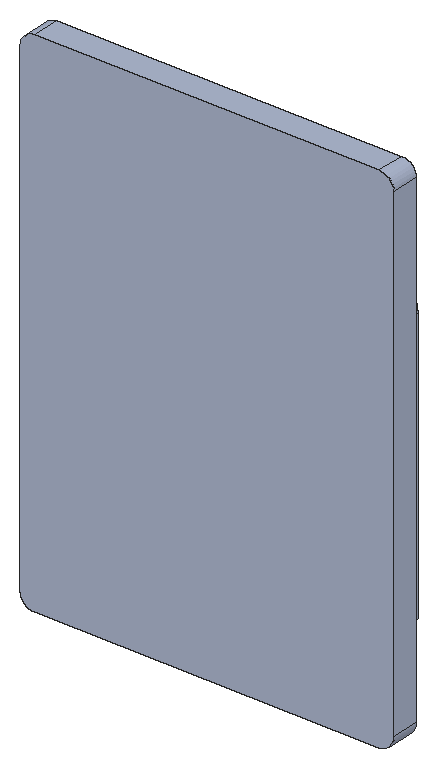
Revit family "BRG-GRF-CCN_CANBERRA MEZCLADOR DE DUCHA CROMO v_02", category Aparatos sanitarios, Revit 2019
Family settings
  Anfitrión = Muro
  Cota de conector redondo = Diámetro de uso
  Tipo de pieza = Normal
  Número OmniClass = 23.45.00.00
  Título OmniClass = Sanitary, Laundry, and Cleaning Equipment
  Siempre vertical = Sí
  Corte con vacíos al cargar = No
  Compartido = No
  Punto de cálculo de habitación = No
Parameters (values of type "CANBERRA MEZCLADORA MONOMANDO DE DUCHA")
  _EDESA_ Materiales = "Latón"
  _EDESA_ Marca = "BRIGGS"
  _EDESA_ Garantía = "De por vida para el cuerpo principal y acabado en cromo (306)"
  _EDESA_ Conexión hidráulica = "Entrada de agua: tubería ø 1/2\""
  _EDESA_ Tipo de instalación = "Empotrado en la pared"
  _EDESA_ Sku/código = "SG0090013061CW"
  _EDESA_ Manual de instalación = "https://www.briggs.com.ec/productos/instructivos/Briggs/Griferia/Mezcladora_ducha_generico.pdf"
  _EDESA_ Profundidad en cm = "6.7"
  _EDESA_ Productos necesarios para instalación = "Regadera"
  _EDESA_ Productos incluídos = ""
  _EDESA_ Peso en kg = ""
  _EDESA_ Nombre = "CANBERRA MEZCLADORA MONOMANDO DE DUCHA"
  _EDESA_ Distancia de instalación en cm (muro terminado) = ""
  _EDESA_ Descripción = "Grifería monomando de ducha para agua fría y caliente. Instalación empotrado en la pared."
  _EDESA_ Contacto comercial = "(02) 395 2900"
  _EDESA_ Consumo/capacidad de agua en L = "9.5 litros por minuto / 2.5 gpm en combinación con cualquiera de nuestras regaderas"
  _EDESA_ Color = "Cromo"
  _EDESA_ Certificación = "Cumple con norma NTE - INEN 3123 basada en la norma ASME 112.18.1 - 2012."
  _EDESA_ Categoría = "Productos > Grifería > Ducha"
  _EDESA_ Ancho en cm = "13"
  _EDESA_ Alto en cm = "18"
  _ALT_ eje1 = 1.10 m
  URL = "https://www.briggs.com.ec/productos/fichastecnicaspdf/Briggs/Griferia/Canberra_ducha_mezcladora.pdf"
  Modelo = "CANBERRA MEZCLADORA MONOMANDO DE DUCHA"
  Fabricante = "BRIGGS ECUADOR"
Reference planes (m)
  plane 1: y = 0
  plane 2 "Centro (Izquierda/Derecha)": x = 0.125
  plane 3 "Posterior": y = 0.075
  plane 4: y = 0.08475
  plane 5: y = 0.10457
  plane 6: z = 1.123599
  plane 7: z = 1.1
  plane 8: z = 1.146748
Forms (m)
  Extrusion 1, solid, material ".MAT_Grifería_Cromo"
    sketch origin (0, 0.075, -0.871185) x (1, 0, 0) y (0, 0, 1)
      loop
        line (0.125, 1.992132) -> (0.06, 1.992132) -> (0.06, 1.907132)
        arc (0.06, 1.907132) -> (0.061464, 1.903597) -> (0.065, 1.902132) r 0.005
        line (0.065, 1.902132) -> (0.125, 1.902132) -> (0.125, 1.992132)
    from -0.00975 to 0
  Extrusion 2, solid, material ".MAT_Grifería_Cromo"
    sketch origin (0.25, 0.075, -0.871185) x (-1, 0, 0) y (0, 0, -1)
      loop
        line (0.125, -1.992132) -> (0.125, -1.902132) -> (0.065, -1.902132)
        arc (0.065, -1.902132) -> (0.061464, -1.903597) -> (0.06, -1.907132) r 0.005
        line (0.06, -1.907132) -> (0.06, -1.992132) -> (0.125, -1.992132)
    from -0.00975 to 0
  Extrusion 3, solid, material ".MAT_Grifería_Cromo"
    sketch origin (0, 0.075, 2.791185) x (1, 0, 0) y (0, 0, 1)
      loop
        line (0.19, -1.670238) -> (0.19, -1.585238)
        arc (0.19, -1.585238) -> (0.188536, -1.581702) -> (0.185, -1.580238) r 0.005
        line (0.185, -1.580238) -> (0.065, -1.580238)
        arc (0.065, -1.580238) -> (0.061464, -1.581702) -> (0.06, -1.585238) r 0.005
        line (0.06, -1.585238) -> (0.06, -1.670238) -> (0.19, -1.670238)
    from -0.00975 to 0
  Revolve 4, solid, material ".MAT_Grifería_Cromo"
    sketch origin (0.125, 0, 0.003871) x (0, 1, 0) y (0, 0, 1)
      loop
        line (0.113674, 1.117974) -> (0.08475, 1.117974) -> (0.08475, 1.1) -> (0.113674, 1.1) -> (0.121271, 1.1) -> (0.121271, 1.112992)
        arc (0.121271, 1.112992) -> (0.117868, 1.115788) -> (0.113674, 1.117132) r 0.011723
        line (0.113674, 1.117132) -> (0.113674, 1.117974)
      axis (0.121271, 1.1) -> (0.08475, 1.1)
    angle from 0 to 360
  Revolve 5, solid, material ".MAT_Grifería_Cromo", not visible
    sketch origin (0.125, 0, 0.017062) x (0, 1, 0) y (0, 0, 1)
      loop
        line (0.113674, 1.117974) -> (0.08475, 1.117974) -> (0.08475, 1.1) -> (0.113674, 1.1) -> (0.121271, 1.1) -> (0.121271, 1.112992)
        arc (0.121271, 1.112992) -> (0.117868, 1.115788) -> (0.113674, 1.117132) r 0.011723
        line (0.113674, 1.117132) -> (0.113674, 1.117974)
      axis (0.121271, 1.1) -> (0.08475, 1.1)
    angle from 0 to 360
Cuts and joins
  joined: Extrusion 1, Extrusion 2, Extrusion 3
Text (m)
  text "Cara de colocación" at (-1.787139, 0.59235, 0), in view "Nivel de referencia"
  text "Cara de colocación" at (0, 1.827695, 2.917686), in view "Izquierda"
  text "Cara de colocación" at (0, 0.562268, 3.853606), in view "Derecha"
Dimensions and locks (m)
  locked: plane 3 "Posterior" to host wall at 0
  locked: plane 4 to plane 3 "Posterior" at 0.00975
  locked: plane 5 to plane 4 at 0.01982
  locked: plane 6 to plane 7 at 0.023599
  "_ALT_ eje1": plane 7 to level
  plane 8 to plane 6 = 0.023149 m
  aligned and locked: host wall to plane 1
  aligned and locked: Revolve 4 to plane 4
  aligned and locked: plane 5 to nested 1
  aligned and locked: plane 2 "Centro (Izquierda/Derecha)" to nested 1
  aligned and locked: plane 6 to nested 1
Automatic sketch dimensions
  Extrusion 1 sketch curve to plane 2 "Centro (Izquierda/Derecha)" = 0.00 m
  Extrusion 1 sketch curve to Extrusion 1 sketch curve = 0.06 m
  Extrusion 1 sketch curve to Extrusion 1 sketch curve = 0.005 m
  Extrusion 1 sketch curve to plane 7 = 0.069053 m
  Extrusion 1 sketch curve to plane 6 = 0.002652 m
  Extrusion 2 sketch curve to plane 2 "Centro (Izquierda/Derecha)" = 0.00 m
  Extrusion 2 sketch curve to plane 2 "Centro (Izquierda/Derecha)" = 0.06 m
  plane 6 to Extrusion 2 sketch curve = 0.002652 m
  Extrusion 2 sketch curve to plane 2 "Centro (Izquierda/Derecha)" = 0.065 m
  plane 7 to Extrusion 2 sketch curve = 0.064053 m
  plane 6 to Extrusion 3 sketch curve = 0.002652 m
  plane 2 "Centro (Izquierda/Derecha)" to Extrusion 3 sketch curve = 0.065 m
  Extrusion 3 sketch curve to Extrusion 3 sketch curve = 0.005 m  (x2)
  Extrusion 3 sketch curve to plane 2 "Centro (Izquierda/Derecha)" = 0.06 m
  Extrusion 3 sketch curve to plane 6 = 0.082348 m
Nested families (m)
  nested 1: "Manija" at (0.125, 0.10457, 0.126939) x (0, 1, 0) z (0, 0, 1), type "Tipo 1"
Connectors (m)
  piping at (0.087, 0.075, 1.067947), diameter 0.0125
    settings: on Extrusion 1, index 2, connector inside diameter 609.6 mm, connector length 0.00 m, flow factor 0, pipe flow 0.0 L/s, pressure drop 0.0 Pa, fitting loss kfactor 0, connector angle 0.00°, fixture units 0, engagement length 0.00 m, angle of deflection 0.00°, flow configuration 0, flow direction 1, fitting loss method 0, system type 19, joint type 0, gender type 0, connector reference index -1, connector utility 0, adjustable connector no, is connector primary yes, connector description ""
  piping at (0.163, 0.075, 1.067947), diameter 0.0125
    settings: on Extrusion 2, index 3, connector inside diameter 609.6 mm, connector length 0.00 m, flow factor 0, pipe flow 0.0 L/s, pressure drop 0.0 Pa, fitting loss kfactor 0, connector angle 0.00°, fixture units 0, engagement length 0.00 m, angle of deflection 0.00°, flow configuration 0, flow direction 1, fitting loss method 0, system type 20, joint type 0, gender type 0, connector reference index -1, connector utility 0, adjustable connector no, is connector primary no, connector description ""
  piping at (0.125, 0.075, 1.17928), diameter 0.0125
    settings: on Extrusion 3, index 4, connector inside diameter 609.6 mm, connector length 0.00 m, flow factor 0, pipe flow 0.0 L/s, pressure drop 0.0 Pa, fitting loss kfactor 0, connector angle 0.00°, fixture units 0, engagement length 0.00 m, angle of deflection 0.00°, flow configuration 0, flow direction 2, fitting loss method 0, system type 7, joint type 0, gender type 0, connector reference index -1, connector utility 0, adjustable connector no, is connector primary no, connector description ""
Definition of nested family "Manija"
  Parameters (values of type "Tipo 1")
    _EDESA_ Tolerancia dimensional = ""
    _EDESA_ Tipo de instalación = "0"
    _EDESA_ Tipo de Aro = "0"
    _EDESA_ Sku/código = "0"
    _EDESA_ Página web = "0"
    _EDESA_ Profundidad en cm = "0"
    _EDESA_ Productos necesarios para instalación = "0"
    _EDESA_ Productos incluídos = "0"
    _EDESA_ Peso en kg = "0"
    _EDESA_ Nombre = "0"
    _EDESA_ Marca = "0"
    _EDESA_ Distancia de instalación en cm (muro terminado) = "0"
    _EDESA_ Descripción = "0"
    _EDESA_ Contacto comercial = "0"
    _EDESA_ Consumo/capacidad de agua en L = "0"
    _EDESA_ Color = ""
    _EDESA_ Certificación = "0"
    _EDESA_ Ancho en cm = "0"
    _EDESA_ Alto en cm = "0"
    _ALT_Eje instalación = 0.60 m
    _ALT_Basamento = 0.85 m
    URL = ""
    Model = "00"
    Type Image = (empty or 0)
    Manufacturer = "EDESA Ecuador"
    Vent Connection = yes
    Waste Connection = yes
    CW Connection = yes
    HW Connection = yes
  Reference planes (m)
    plane 1 "Centro (Frontal/Posterior)": y = 0
    plane 2: z = 0
    plane 3 "Centro (Izquierda/Derecha)": x = 0
    plane 4 "_RP_Mesón": z = 0.85
    plane 5 "_RP_01": y = 0.02312
    plane 6 "_RP_2": x = 0.017831
    plane 7 "_RP_3": y = 0.021002
    plane 8 "_RP_4": y = -0.021002
    plane 9 "_RP_Eje1": z = 0.946
    plane 10: y = -0.151002
    plane 11 "_RP_Eje2": z = 1.151
  Forms (m)
    Extrusion 1, solid
      sketch origin (-0.055198, 0, 1.92166) x (1, 0, 0) y (0, 0, -1)
        loop
          line (0.057, 0.925) -> (0.091, 0.925) -> (0.091, 1.02) -> (0.08904, 1.02) -> (0.086, 1.005992) -> (0.086, 0.956)
          arc (0.086, 0.956) -> (0.083071, 0.948929) -> (0.076, 0.946) r 0.01
          line (0.076, 0.946) -> (0.057, 0.946) -> (0.057, 0.925)
      from -0.021002 to 0.021002
    Revolve 2, solid
      sketch origin (-0.055198, 0, 1.92166) x (1, 0, 0) y (0, 0, -1)
        loop
          line (0.057, 0.903997) -> (0.091, 0.903997) -> (0.091, 0.925) -> (0.057, 0.925) -> (0.057, 0.903997)
        axis (0.057, 0.925) -> (0.091, 0.925)
      angle from -90 to 90
    Extrusion 3, void
      sketch origin (-0.055198, 0, 1.92166) x (1, 0, 0) y (0, 0, -1)
        loop
          line (0.057, 0.925) -> (0.057, 0.90166) -> (0.065959, 0.90166) -> (0.057, 0.925)
      from -0.04 to 0.04
    Revolve 4, solid
      sketch origin (-0.055198, 0, 1.92166) x (1, 0, 0) y (0, 0, -1)
        loop
          line (0.055198, 0.92503) -> (0.055198, 0.905807)
          arc (0.055198, 0.905807) -> (0.067528, 0.911539) -> (0.069217, 0.92503) r 0.014038
          line (0.069217, 0.92503) -> (0.055198, 0.92503)
        axis (0.069217, 0.92503) -> (0.055198, 0.92503)
      angle from 0 to 360
  Cuts and joins
    Extrusion 3 cuts Revolve 2
  Dimensions and locks (m)
    "_ALT_Basamento": plane 4 "_RP_Mesón" to level
    aligned and locked: level to plane 2
  Automatic sketch dimensions
    plane 3 "Centro (Izquierda/Derecha)" to Extrusion 1 sketch curve = 0.001802 m
    Extrusion 1 sketch curve to plane 6 "_RP_2" = 0.002971 m
    Extrusion 1 sketch curve to plane 6 "_RP_2" = 0.012971 m
    Extrusion 1 sketch curve to Extrusion 1 sketch curve = 0.00304 m
    Extrusion 1 sketch curve to plane 6 "_RP_2" = 0.017971 m
    Extrusion 1 sketch curve to plane 9 "_RP_Eje1" = 0.05066 m
    Extrusion 1 sketch curve to Extrusion 1 sketch curve = 0.021 m
    plane 9 "_RP_Eje1" to Extrusion 1 sketch curve = 0.030331 m
    Extrusion 1 sketch curve to Extrusion 1 sketch curve = 0.014008 m
    plane 3 "Centro (Izquierda/Derecha)" to Revolve 2 sketch curve = 0.001802 m
    Revolve 2 sketch curve to plane 6 "_RP_2" = 0.017971 m
    Revolve 2 sketch curve to plane 9 "_RP_Eje1" = 0.071663 m
    Revolve 2 sketch curve to Revolve 2 sketch curve = 0.021003 m
    Revolve 2 sketch curve to Revolve 2 sketch curve = 0.00 m  (x2)
    Revolve 2 sketch curve to Revolve 2 sketch curve = 0.025 m
    plane 3 "Centro (Izquierda/Derecha)" to Extrusion 3 sketch curve = 0.001802 m
    plane 6 "_RP_2" to Extrusion 3 sketch curve = 0.00707 m
    Extrusion 3 sketch curve to plane 9 "_RP_Eje1" = 0.074 m
    Extrusion 3 sketch curve to Extrusion 3 sketch curve = 0.02334 m
    Revolve 4 sketch curve to plane 3 "Centro (Izquierda/Derecha)" = 0.00 m  (x2)
    plane 3 "Centro (Izquierda/Derecha)" to Revolve 4 sketch curve = 0.000987 m
    plane 6 "_RP_2" to Revolve 4 sketch curve = 0.003812 m
    Revolve 4 sketch curve to plane 9 "_RP_Eje1" = 0.069853 m
    Revolve 4 sketch curve to Revolve 4 sketch curve = 0.014003 m
    Revolve 4 sketch curve to plane 3 "Centro (Izquierda/Derecha)" = 0.01 m
    Revolve 4 sketch curve to Revolve 4 sketch curve = 0.00 m
